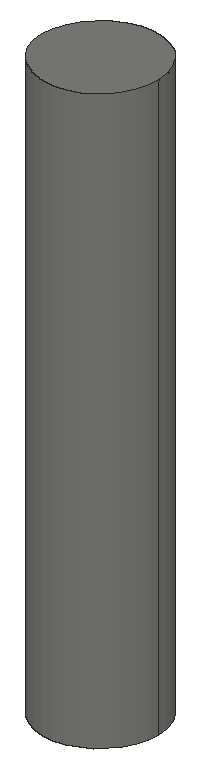
Revit family "Concrete - Round (column)", category Structural Columns, Revit 2021
Family settings
  Display in Hidden Views = Edges Hidden by Other Members
  Section Shape = Not Defined
  Material for Model Behavior = Concrete
  Always export as geometry = No
  Beam cutback in plan = From geometry
  Cut with Voids When Loaded = No
  Symbolic Representation = From Family
  Shared = No
  Show family pre-cut in plan views = Yes
Parameters (values of type "Concrete - Round (column)")
  d = 200 mm
  Structural Material = Concrete
  Creator Organization [instance] = "© Danish Educational Content"  # constant formula
  Creator Name [instance] = "© Erik Falck Jørgensen"  # constant formula
  Creator Build [instance] = "2018.0420.0"  # constant formula
Reference planes
  plane 1 "Center (Front/Back)": y = 0
  plane 2: z = 0
  plane 3 "Center (Left/Right)": x = 0
  plane 4: x = -100
  plane 5: x = 100
  plane 6: y = 100
  plane 7: y = -100
Forms (mm)
  Extrusion 1, solid, material "Concrete" <- "Structural Material"
    sketch origin (0, 0, 0) x (1, 0, 0) y (0, 1, 0)
      loop
        circle (0, 0) r 100
    from 0 to 1000
Dimensions and locks
  equal spacing: plane 4, plane 3 "Center (Left/Right)", plane 5
  equal spacing: plane 7, plane 1 "Center (Front/Back)", plane 6
  "d": plane 7 to plane 6
  "d": plane 4 to plane 5
  aligned and locked: level to Extrusion 1
  aligned and locked: level to plane 2
  aligned and locked: Extrusion 1 to plane 2
Automatic sketch dimensions
  Extrusion 1 sketch curve to plane 1 "Center (Front/Back)" = 0 mm
  Extrusion 1 sketch curve to plane 4 = 0 mm
  Extrusion 1 sketch curve to plane 3 "Center (Left/Right)" = 0 mm
